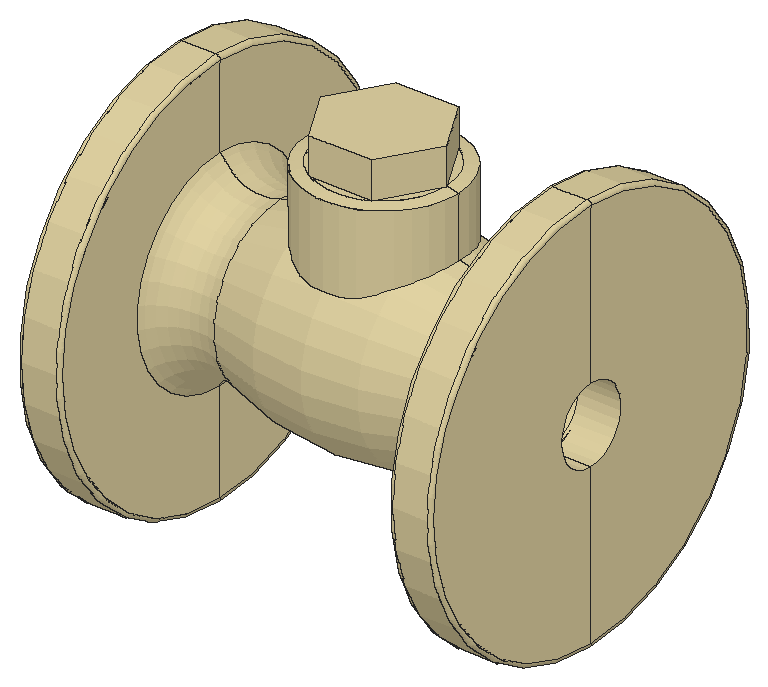
Revit family "DA04190000", category Apparecchi idraulici, Revit 2020
Family settings
  Quota connettore circolare = Usa diametro
  Tipo di parte = Normale
  Numero OmniClass = 23.45.00.00
  Titolo OmniClass = Sanitary, Laundry, and Cleaning Equipment
  Basato su piano di lavoro = No
  Sempre verticale = Sì
  Taglio con vuoti quando caricato = No
  Condiviso = No
  Punto di calcolo locali = No
Parameters
  URL = "https://web.cimberio.com/index.php/figura/19?subcategoria_id=35"
  Temperatura di esercizio = "-10 ÷ 170°C"
  Prospetto di default = 0 mm
  Produttore = "CIMBERIO SPA"
  Pressione nominale = "PN 16"
  Modello = "Cim *79PN10"
  Materiale = "Prodotto in lega di bronzo conforme alla norma EN 1982-CC491K"
  Descrizione = "Utilizzato nei più svariati settori dell'impiantistica in condutture anti-ritorno per: reti di distribuzione acqua potabile, impianti di riscaldamento, condizionamento, igienico-sanitari e distribuzione idrocarburi"
  DN Model [instance] = DA04193110 : DA04193110
  DN [instance] = 15 mm
  Commenti sul tipo = "Realizzato in ottemperanza ai requisiti gestionali della norma EN ISO 9001.\r\nCollaudato al 100% secondo la normativa EN 12266-1"
Reference planes
  plane 1 "Centro (Fronte/Retro)": y = 0
  plane 2: z = 0
  plane 3 "Centro (Sinistra/Destra)": x = 0
Dimensions and locks
  aligned and locked: level to plane 2
Nested families
  nested 1: "DA04193110" at (0, 0, 0), type <- "DN Model", type "DA04193110"
  nested 2: "DA04193110" at (0, 0, 0), type <- "DN Model", type "DA04193110"
  nested 3: "DA04193110" at (0, 0, 0), type <- "DN Model", type "DA04193110"
  nested 4: "DA04193110" at (0, 0, 0), type <- "DN Model", type "DA04193110"
  nested 5: "DA04193110" at (0, 0, 0), type <- "DN Model", type "DA04193110"
  nested 6: "DA04193110" at (0, 0, 0), type <- "DN Model", type "DA04193110"
  nested 7: "DA04193110" at (0, 0, 0), type <- "DN Model", type "DA04193110"
  nested 8: "DA04193110" at (0, 0, 0), type <- "DN Model", type "DA04193110"
  nested 9: "DA04193110" at (0, 0, 0), type <- "DN Model", type "DA04193110"
Connectors
  piping at (41.407, 0, 0), diameter 15, driven by "DN"
    settings: on nested 1, index 1, connector inside diameter 609.6 mm, connector length 0 mm, flow factor 0, pipe flow 0.0 L/s, pressure drop 0.0 Pa, fitting loss kfactor 0, connector angle 0.00°, fixture units 0, engagement length 0 mm, angle of deflection 0.00°, flow configuration 0, flow direction 0, fitting loss method 0, system type 7, joint type 0, gender type 0, connector reference index -1, connector utility 0, adjustable connector no, is connector primary yes, connector description ""
  piping at (-41.232, 0, 0), diameter 15, driven by "DN"
    settings: on nested 1, index 2, connector inside diameter 609.6 mm, connector length 0 mm, flow factor 0, pipe flow 0.0 L/s, pressure drop 0.0 Pa, fitting loss kfactor 0, connector angle 0.00°, fixture units 0, engagement length 0 mm, angle of deflection 0.00°, flow configuration 0, flow direction 0, fitting loss method 0, system type 7, joint type 0, gender type 0, connector reference index -1, connector utility 0, adjustable connector no, is connector primary no, connector description ""
Definition of nested family "DA04193110"
  Parameters (values of type "DA04313110")
    Default Elevation = 0 mm
  Reference planes
    plane 1 "Centro (Fronte/Retro)": y = 0
    plane 2: z = 0
    plane 3 "Centro (Sinistra/Destra)": x = 0
  Forms (mm)
    Revolve 1, solid
      sketch origin (0, 0, 0) x (1, 0, 0) y (0, 0, 1)
        loop
          line (33.343, -7.5) -> (-32.983, -7.5) -> (-32.983, -19.288)
          arc (-32.983, -19.288) -> (-27.734, -14.585) -> (-20.687, -14.614) r 9.811
          arc (-20.687, -14.614) -> (0, -18.5) -> (20.687, -14.614) r 57
          arc (20.687, -14.614) -> (28.136, -14.748) -> (33.343, -20.077) r 9.811
          line (33.343, -20.077) -> (33.343, -7.5)
        axis (-32.983, 2) -> (33.343, 2)
      angle from 0 to 360
    Revolve 2, solid
      sketch origin (0, 0, 0) x (1, 0, 0) y (0, 0, 1)
        loop
          line (-15, 4.172) -> (0, 4.172) -> (0, 32.573) -> (-12.5, 32.573) -> (-15, 32.132) -> (-15, 4.172)
        axis (0, 32.573) -> (0, 4.172)
      angle from 0 to 360
    Extrusion 3, solid
      sketch origin (0, 0, 0) x (0, -1, 0) y (1, 0, 0)
        loop
          line (0, 12.5) -> (-10.825, 6.25) -> (-10.825, -6.25) -> (0, -12.5) -> (10.825, -6.25) -> (10.825, 6.25) -> (0, 12.5)
      from 32.132 to 39.804
    Revolve 4, solid
      sketch origin (-6.732, 0, 0) x (1, 0, 0) y (0, 0, 1)
        loop
          line (-34.5, 39.192) -> (-34.5, 7.5) -> (-26, 7.5) -> (-26, 39.165)
          arc (-26, 39.165) -> (-26.244, 39.756) -> (-26.835, 40) r 0.835
          line (-26.835, 40) -> (-33.692, 40)
          arc (-33.692, 40) -> (-34.263, 39.763) -> (-34.5, 39.192) r 0.808
        axis (-34.5, 0) -> (-26, 0)
      angle from 0 to 360
    Revolve 5, solid
      sketch origin (6.907, 0, 0) x (-1, 0, 0) y (0, 0, 1)
        loop
          line (-34.5, 39.192) -> (-34.5, 7.5) -> (-26, 7.5) -> (-26, 39.165)
          arc (-26, 39.165) -> (-26.244, 39.756) -> (-26.835, 40) r 0.835
          line (-26.835, 40) -> (-33.692, 40)
          arc (-33.692, 40) -> (-34.263, 39.763) -> (-34.5, 39.192) r 0.808
        axis (-34.5, 0) -> (-26, 0)
      angle from 0 to 360
  Dimensions and locks
    aligned and locked: level to plane 2
